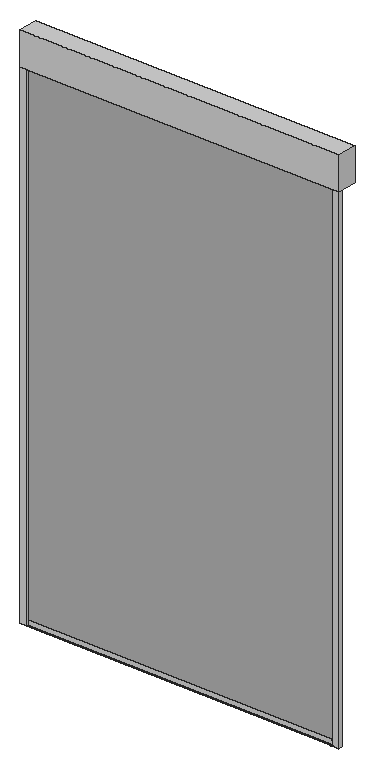
Revit family "Hose-Stream-Rated_Smoke-Fire-Curtain_DoorSystems_DSI-HS10B-Over-Under", category Doors, host Wall, Revit 2026
Family settings
  Host = Wall
  Classification Number = 23.30.60.17
  Always vertical = Yes
  Cut with Voids When Loaded = No
  Shared = No
  Room Calculation Point = No
Parameters (values of type "12" x 21" Head-box #3")
  Rough Width = 0' - 0"
  Rough Height = 0' - 0"
  Fire Rating = "1, 2, 3"
  Define Thermal Properties by = Schematic Type
  Clear Opening Width [instance] = 16' - 0"
  URL = "https://www.doorsysinc.com/"
  Specification = "https://www.arcat.com/company/door-systems-50183/spec"
  Type Model Notes [instance] = "As Specify"
  Invalid Model [instance] = no
  Clear Opening Height [instance] = 26' - 0"
  Curtain Height [instance] = if(Curtain Closed, Clear Opening Height, 0' 0 1/8")  # 26' - 0"
  Curtain Closed [instance] = yes
  Product Page URL = "https://www.arcat.com/arcatcos/cos50/arc50183.html"
  Mounting Method [instance] = "Per Manufactures standard"  # constant formula
  Model = "DSI-HS10B"  # constant formula
  Maximum Size [instance] = ""
  Manufacturer = "Door Systems"
  Keynote = "08 33 44"
  FrameDepth = 0' - 2"
  Frame Width = 0' - 4"
  Wall Closure = By host
  Frame Finish [instance] = Metal - Steel - Primer Finish
  Fire Performance = "UL 10B"  # constant formula
  Description = "Hose Stream Rated Smoke and Fire Curtain"  # constant formula
  CurtainDrop_Viz = yes
  Curtain Offset [instance] = 0' - 0"
  Curtain Finish [instance] = Fabric - DoorSystemsInc - Grey Smoke Curtain
  Copyright = "ARCAT 2022"  # constant formula
  CAD Details = "https://www.arcat.com/company/door-systems-50183/cad"
  Available Options [instance] = "as Specified"
  HeadBox_Height = 1' - 9"
  HeadBox_Depth = 1' - 0"
  Analytic Construction = "<None>"
Types (3): name | Clear Opening Height | Curtain Height | HeadBox_Height | HeadBox_Depth
  9" x 15" Head-box #1 | 10' - 0" | 10' - 0" | 1' - 3" | 0' - 9"
  10" x 18" Head-box #2 | 16' - 0" | 16' - 0" | 1' - 6" | 0' - 10"
  12" x 21" Head-box #3 | 26' - 0" | 26' - 0" | 1' - 9" | 1' - 0"
Reference planes (in)
  plane 1 "Center (Front/Back)": y = 0
  plane 2 "Center (Left/Right)": x = 0
  plane 3 "Left": x = -100
  plane 4 "Right": x = 100
  plane 5 "Top": z = 312
  plane 6 "Exterior": y = 1
  plane 7 "Interior": y = -5
  plane 8: y = 13
  plane 9: z = 0
  plane 10: y = 3
  plane 11 "2": z = 333
  plane 12 "DoorOffset": y = 2
  plane 13: y = 1
  plane 14: y = 2
  plane 15: y = 1
  plane 16: z = 0
  plane 17: x = -96
  plane 18: x = 96
Forms (in)
  Extrusion 1, solid, material "Fabric - DoorSystemsInc - Grey Smoke Curtain" <- "Curtain Finish"
    sketch origin (0, 0, 0) x (1, 0, 0) y (0, 1, 0)
      loop
        line (-97.25, 2.07812) -> (-97.25, 1.92187) -> (97.25, 1.92187) -> (97.25, 2.07812) -> (-97.25, 2.07812)
    from 0 to 312
  Sweep 2, solid, material "Metal - Steel - Primer Finish" <- "Frame Finish"
    path origin (0, 0, 0) x (1, 0, 0) y (0, 0, 1)
      loop
        line (-100, 312) -> (100, 312)
    profile origin (0, 0, 312) x (0, 0, 1) y (0, -1, 0)
      loop
        line (21, -1) -> (0, -1) -> (0, -13) -> (21, -13) -> (21, -1)
  Sweep 3, solid, material "Metal - Steel - Primer Finish" <- "Frame Finish"
    path origin (0, 0, 0) x (1, 0, 0) y (0, 0, 1)
      loop
        line (0, 312) -> (0, 0)
    profile origin (0, 0, 156) x (0, -1, 0) y (1, 0, 0)
      loop
        line (-1, -100) -> (-1, -96) -> (-1.875, -96) -> (-1.875, -97.25) -> (-2.125, -97.25) -> (-2.125, -96) -> (-3, -96) -> (-3, -100) -> (-1, -100)
      loop
        line (-1, 100) -> (-3, 100) -> (-3, 96) -> (-2.125, 96) -> (-2.125, 97.25) -> (-1.875, 97.25) -> (-1.875, 96) -> (-1, 96) -> (-1, 100)
  Sweep 4, solid, material "Metal - Steel - Primer Finish" <- "Frame Finish", visible <- "CurtainDrop_Viz"
    path origin (0, 0, 0) x (1, 0, 0) y (0, 1, 0)
      loop
        line (96, 2) -> (-96, 2)
    profile origin (0, 2, 0) x (0, -1, 0) y (0, 0, 1)
      loop
        line (-1, 0.125) -> (-1, 0) -> (-0.07812, 0) -> (-0.07812, 3) -> (-0.20312, 3) -> (-0.20312, 0.125) -> (-1, 0.125)
      loop
        line (1, 0) -> (1, 0.125) -> (0.20313, 0.125) -> (0.20313, 3) -> (0.07813, 3) -> (0.07813, 0) -> (1, 0)
Lines and regions (in)
  Opening 1
    outline origin (-84.5, -5, 0) x (1, 0, 0) y (0, 0, 1)
      loop
        line (-15.5, 0) -> (184.5, 0) -> (184.5, 333) -> (-15.5, 333) -> (-15.5, 0)
Text (in)
  text "Exterior" at (-74.96733, 27.31104, 0), in view "Ref. Level"
  text "Interior" at (-74.96733, -25.14366, 0), in view "Ref. Level"
  text "Exterior" at (0, 40.15149, 123.01588), in view "Right"
  text "Interior" at (0, -64.39139, 123.01588), in view "Right"
  text "Interior" at (0, -31.01599, 123.00693), in view "Left"
  text "Exterior" at (0, 54.57065, 123.00693), in view "Left"
Dimensions and locks (in)
  equal spacing: plane 3 "Left", plane 2 "Center (Left/Right)", plane 4 "Right"
  "Clear Opening Height": level to plane 5 "Top"
  "Clear Opening Width": plane 17 to plane 18
  "HeadBox_Depth": plane 8 to plane 15
  locked: Extrusion 1 sketch curve to Extrusion 1 sketch curve at 0.15625
  "HeadBox_Height": plane 5 "Top" to plane 11 "2"
  equal spacing: Extrusion 1 sketch curve, plane 12 "DoorOffset", Extrusion 1 sketch curve
  locked: plane 13 to plane 15
  "FrameDepth": plane 10 to plane 13
  "Frame Width": plane 3 "Left" to Sweep 3 sketch curve
  "Frame Width": Sweep 3 sketch curve to plane 4 "Right"
  equal spacing: plane 13, plane 14, plane 10
  locked: Sweep 3 sketch curve to Sweep 3 sketch curve at 1.25  (x2)
  equal spacing: Sweep 3 sketch curve, plane 14, Sweep 3 sketch curve
  locked: Sweep 3 sketch curve to Sweep 3 sketch curve at 0.25
  equal spacing: plane 10, plane 12 "DoorOffset", plane 13
  "Frame Width": Sweep 4 sketch curve to plane 4 "Right"
  "Frame Width": plane 3 "Left" to Sweep 4 sketch curve
  locked: Sweep 4 sketch curve to Sweep 4 sketch curve at 0.125
  "Curtain Offset": plane 6 "Exterior" to plane 13
  "Curtain Height": plane 5 "Top" to plane 16
  locked: Sweep 4 sketch curve to plane 16 at 3
  locked: Sweep 4 sketch curve to plane 16 at 0.125
  locked: plane 3 "Left" to plane 17 at 4
  locked: plane 18 to plane 4 "Right" at 4
  aligned and locked: Opening 1 sketch curve to level
  aligned and locked: plane 6 "Exterior" to host wall
  aligned and locked: host wall to plane 7 "Interior"
  aligned and locked: plane 9 to level
  aligned and locked: Extrusion 1 to plane 5 "Top"
  aligned and locked: Sweep 2 sketch curve to plane 5 "Top"
  aligned and locked: plane 4 "Right" to Sweep 2 sketch curve
  aligned and locked: plane 3 "Left" to Sweep 2 sketch curve
  aligned and locked: plane 11 "2" to Sweep 2 sketch curve
  aligned and locked: Sweep 2 sketch curve to plane 8
  aligned and locked: plane 5 "Top" to Sweep 2 sketch curve
  aligned and locked: Sweep 3 sketch curve to plane 2 "Center (Left/Right)"
  aligned and locked: plane 9 to Sweep 3 sketch curve
  aligned and locked: plane 5 "Top" to Sweep 3 sketch curve
  aligned and locked: plane 3 "Left" to Sweep 3 sketch curve
  aligned and locked: plane 10 to Sweep 3 sketch curve  (x2)
  aligned and locked: Sweep 3 sketch curve to plane 13
  aligned and locked: plane 4 "Right" to Sweep 3 sketch curve
  aligned and locked: plane 13 to Sweep 3 sketch curve
  aligned and locked: Sweep 3 sketch curve to Sweep 3 sketch curve  (x4)
  aligned and locked: Sweep 4 sketch curve to plane 12 "DoorOffset"
  aligned and locked: Sweep 4 sketch curve to plane 10
  aligned and locked: Sweep 4 sketch curve to plane 13
  aligned and locked: Extrusion 1 to Sweep 4 sketch curve  (x2)
  aligned and locked: Sweep 4 sketch curve to Sweep 4 sketch curve
  aligned and locked: Sweep 3 to Extrusion 1 sketch curve  (x2)
  aligned and locked: Sweep 2 sketch curve to plane 15
  aligned and locked: plane 16 to Sweep 4 sketch curve  (x2)
  aligned and locked: Extrusion 1 to plane 16
  aligned and locked: Opening 1 sketch curve to plane 3 "Left"
  aligned and locked: Opening 1 sketch curve to plane 11 "2"
  aligned and locked: Opening 1 sketch curve to plane 4 "Right"
Automatic sketch dimensions
  Sweep 4 sketch curve to Sweep 4 sketch curve = 0' - 0 1/8"
  Sweep 4 sketch curve to Sweep 4 sketch curve = 0' - 0"
